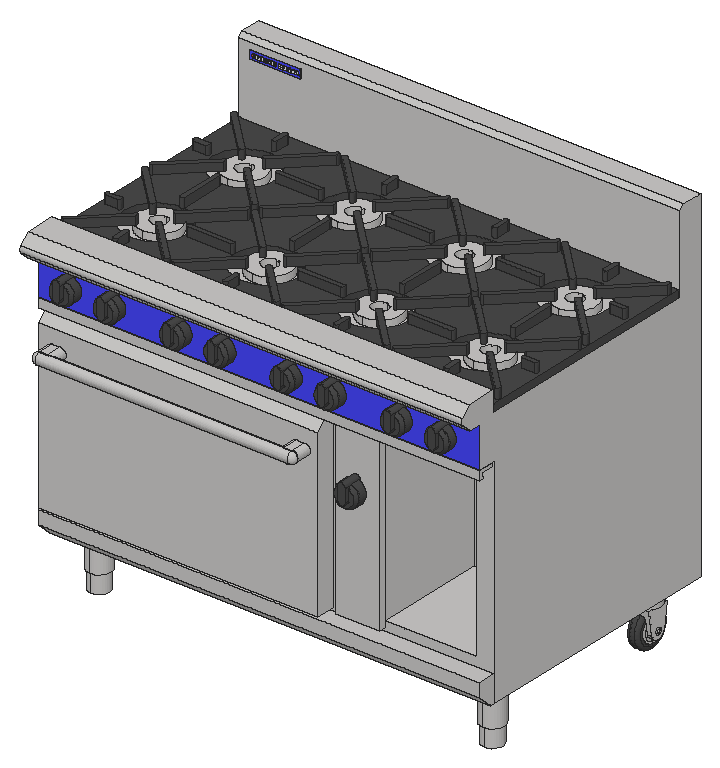
Revit family "QF_MOFFAT_BLUESEAL_CE_GE58D", category Specialty Equipment, Revit 2012 (continued)
Connectors
  piping at (1070, -32, 655)
    settings: on Extrusion 6, index 4, connector radius 0.37402", flow factor 0, pipe flow 0 GPM, pressure drop 0.00 psi, fitting loss kfactor 0, connector angle 0.00°, fixture units 0, engagement length 0 mm, flow configuration 1, flow direction 1, fitting loss method 0, system type 7, joint type 0, gender type 0, connector reference index -1, connector utility 0, adjustable connector no, is connector primary yes, fitting loss table "", connector description "GAS CONNECTION"
  electrical at (826, -501, 148.072), driven by "Volts", driven by "Watts"
    settings: on Extrusion 33, index 5, voltage 400 V, apparent load 6600 VA, apparent load phase1 0 VA, apparent load phase2 0 VA, apparent load phase3 0 VA, power factor 1, load classification "Other", number of poles 1, system type 30, power factor state 1, is connector primary yes, connector utility no, sub classification motor no, connector description "ELECTRICAL CONNECTION"
Definition of nested family "WALDORF LOGO_FACE BASE"
  Parameters (values of type "WALDORF LOGO_FACE BASE")
    Show Logo [instance] = yes
    Default Elevation = 1219.2 mm
  Reference planes
    plane 1 "Center (Front/Back)": y = 0
    plane 2: z = 0
    plane 3 "Center (Left/Right)": x = 0
  Forms (mm)
    Extrusion 1, solid
      sketch origin (0, 0, 0) x (1, 0, 0) y (0, 1, 0)
        loop
          line (-1219.2, 1219.2) -> (-1219.2, -1219.2) -> (1219.2, -1219.2) -> (1219.2, 1219.2) -> (-1219.2, 1219.2)
      from 0 to -304.8
    Extrusion 2, solid, material "QF_Finishes_Blue", visible <- "Show Logo"
      sketch origin (0, -33.217, 0) x (1, 0, 0) y (0, 1, 0)
        loop
          arc (138, 31.942) -> (137.626, 32.844) -> (136.724, 33.217) r 1.276
          line (136.724, 33.217) -> (1.29, 33.217)
          arc (1.29, 33.217) -> (0.378, 32.839) -> (0, 31.927) r 1.29
          line (0, 31.927) -> (0, 11.507)
          arc (0, 11.507) -> (0.378, 10.595) -> (1.29, 10.217) r 1.29
          line (1.29, 10.217) -> (136.71, 10.217)
          arc (136.71, 10.217) -> (137.622, 10.595) -> (138, 11.507) r 1.29
          line (138, 11.507) -> (138, 31.942)
      from 0 to 1.588
    Extrusion 3, solid, material "QF_Finishes_White", visible <- "Show Logo"
      sketch origin (0, -33.217, 1.588) x (1, 0, 0) y (0, 1, 0)
        loop
          arc (108.946, 25.919) -> (107.613, 25.367) -> (107.061, 24.034) r 1.885
          line (107.061, 24.034) -> (107.061, 17.211) -> (112.704, 17.211) -> (112.704, 19.129) -> (115.546, 19.129) -> (115.546, 17.211) -> (121.584, 17.211) -> (121.584, 24.075)
          arc (121.584, 24.075) -> (121.043, 25.379) -> (119.739, 25.919) r 1.845
          line (119.739, 25.919) -> (108.946, 25.919)
        loop
          line (123.478, 25.919) -> (123.478, 17.163) -> (134.904, 17.163) -> (134.904, 19.129) -> (129.246, 19.129) -> (129.246, 25.919) -> (123.478, 25.919)
        loop
          line (112.704, 21.258) -> (115.546, 21.258) -> (115.546, 22.702)
          arc (115.546, 22.702) -> (115.344, 23.188) -> (114.858, 23.389) r 0.687
          line (114.858, 23.389) -> (113.363, 23.389)
          arc (113.363, 23.389) -> (112.897, 23.196) -> (112.704, 22.73) r 0.658
          line (112.704, 22.73) -> (112.704, 21.258)
        loop
          line (105.071, 25.919) -> (93.771, 25.919) -> (93.771, 17.163) -> (105.071, 17.163) -> (105.071, 19.063) -> (99.535, 19.063) -> (99.535, 20.437) -> (105.071, 20.437) -> (105.071, 22.278) -> (99.535, 22.278) -> (99.535, 23.587) -> (105.071, 23.587) -> (105.071, 25.919)
        loop
          line (91.104, 25.919) -> (79.541, 25.919)
          arc (79.541, 25.919) -> (78.558, 25.513) -> (78.152, 24.53) r 1.389
          line (78.152, 24.53) -> (78.152, 22.08)
          arc (78.152, 22.08) -> (78.558, 21.098) -> (79.541, 20.691) r 1.389
          line (79.541, 20.691) -> (86.346, 20.691) -> (86.346, 18.864) -> (83.266, 18.864) -> (83.266, 19.664) -> (78.152, 19.664) -> (78.152, 18.553)
          arc (78.152, 18.553) -> (78.558, 17.57) -> (79.541, 17.163) r 1.389
          line (79.541, 17.163) -> (91.063, 17.163)
          arc (91.063, 17.163) -> (92.045, 17.57) -> (92.452, 18.553) r 1.389
          line (92.452, 18.553) -> (92.452, 20.691)
          arc (92.452, 20.691) -> (92.045, 21.673) -> (91.063, 22.08) r 1.389
          line (91.063, 22.08) -> (83.266, 22.08) -> (83.266, 23.984) -> (86.346, 23.984) -> (86.346, 22.743) -> (92.452, 22.743) -> (92.452, 24.571)
          arc (92.452, 24.571) -> (92.057, 25.524) -> (91.104, 25.919) r 1.348
        loop
          line (70.705, 25.919) -> (59.405, 25.919) -> (59.405, 17.163) -> (70.705, 17.163) -> (70.705, 19.063) -> (65.169, 19.063) -> (65.169, 20.437) -> (70.705, 20.437) -> (70.705, 22.278) -> (65.169, 22.278) -> (65.169, 23.587) -> (70.705, 23.587) -> (70.705, 25.919)
        loop
          line (57.598, 25.919) -> (51.7, 25.919) -> (51.7, 20.18)
          arc (51.7, 20.18) -> (50.63, 19.11) -> (49.56, 20.18) r 1.07
          line (49.56, 20.18) -> (49.56, 25.919) -> (43.663, 25.919) -> (43.663, 19.049)
          arc (43.663, 19.049) -> (44.215, 17.716) -> (45.548, 17.163) r 1.885
          line (45.548, 17.163) -> (55.71, 17.163)
          arc (55.71, 17.163) -> (57.045, 17.716) -> (57.598, 19.051) r 1.887
          line (57.598, 19.051) -> (57.598, 25.919)
        loop
          line (31.62, 25.919) -> (31.62, 17.163) -> (43.046, 17.163) -> (43.046, 19.129) -> (37.388, 19.129) -> (37.388, 25.919) -> (31.62, 25.919)
        loop
          line (15.969, 25.919) -> (15.969, 17.163) -> (28.693, 17.163)
          arc (28.693, 17.163) -> (29.812, 17.627) -> (30.276, 18.746) r 1.582
          line (30.276, 18.746) -> (30.276, 20.447) -> (29.48, 21.243) -> (30.276, 22.039) -> (30.276, 24.332)
          arc (30.276, 24.332) -> (29.811, 25.454) -> (28.688, 25.919) r 1.587
          line (28.688, 25.919) -> (15.969, 25.919)
        loop
          line (21.449, 24.159) -> (21.449, 22.436) -> (23.862, 22.436)
          arc (23.862, 22.436) -> (24.723, 23.298) -> (23.862, 24.159) r 0.861
          line (23.862, 24.159) -> (21.449, 24.159)
        loop
          line (21.449, 20.244) -> (21.449, 18.522) -> (23.862, 18.522)
          arc (23.862, 18.522) -> (24.723, 19.383) -> (23.862, 20.244) r 0.861
          line (23.862, 20.244) -> (21.449, 20.244)
      from 0 to 0.2
    Extrusion 4, solid, material "QF_Finishes_Blue", visible <- "Show Logo"
      sketch origin (-126.498, -31.09, 1.588) x (1, 0, 0) y (0, 1, 0)
        loop
          line (136.738, 23.522) -> (136.738, 15.1)
          arc (136.738, 15.1) -> (140.756, 19.311) -> (136.738, 23.522) r 4.216
      from 0 to 0.2
    Extrusion 5, solid, material "QF_Finishes_Red", visible <- "Show Logo"
      sketch origin (146.849, -31.09, 1.588) x (-1, 0, 0) y (0, -1, 0)
        loop
          arc (136.738, -23.522) -> (140.756, -19.311) -> (136.738, -15.1) r 4.216
          line (136.738, -15.1) -> (136.738, -23.522)
      from 0 to 0.2
  Lines and regions (mm)
    Split face 1
      outline origin (-90.35, -30.793, 1.588) x (1, 0, 0) y (0, 1, 0)
        loop
          circle (100.54, 19.013) r 4.536
  Dimensions and locks
    aligned and locked: plane 2 to Extrusion 1
    aligned and locked: level to Extrusion 1
